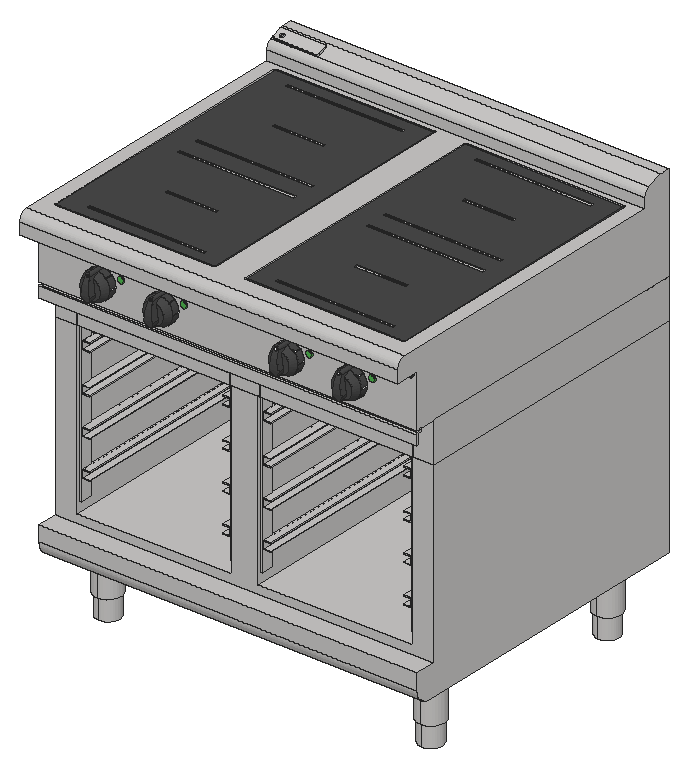
Revit family "QF_Moffat_INL8400R3-CB_Induction Cooktop_cat", category Specialty Equipment, Revit 2019
Family settings
  Round Connector Dimension = Use Diameter
  Part Type = Normal
  Work Plane-Based = No
  Always vertical = Yes
  Cut with Voids When Loaded = No
  Shared = No
  Room Calculation Point = No
Parameters (values of type "IN511F-B")
  Weight in Kilograms = 105
  Watts = 14 W
  Volts = 400 V
  URL Cutsheet = ""
  Specification by User = ""
  Specification by Manufacturer = ""
  Show Logo [instance] = yes
  Serial Number = ""
  Seismic Rating = ""
  SMACNA No = ""
  Revision Code = ""
  Phase = 3
  Number of Poles = 1
  NAFEM Spec ID Number = ""
  Model = "INL8400R3-CB"
  Min Ckt Ampacity = 0 A
  Max Overcurrent Protection = 0 A
  Masterspec = ""
  Manufacturer = "Moffat"
  Length = 900 mm
  Item Number = ""
  Installed By = ""
  Identify Quantity as Lot = yes
  Height = 970 mm
  HP = ""
  Furnished By = ""
  Foodservice Equipment Identifier = yes
  FL Amps = 20 A
  Electrical Remarks = ""
  Electric Connection Type = ""
  Elec Conn RI Height = 0 mm
  Elec Conn Connection Height = 0 mm
  Description = "Induction Cooktop"
  Depth = 805 mm
  Cycle = 50 Hz
  Conn Plug = ""
  Conn Conduit = yes
  CSI MasterFormat = ""
  Apparent Power = if(Phase = 3, Volts * FL Amps * 1.73, Volts * FL Amps)  # 13840 VA
Reference planes
  plane 1 "BACK": y = 0
  plane 2: z = 0
  plane 3 "LEFT": x = 0
  plane 4 "RIGHT": x = 900
  plane 5 "FRONT": y = -805
  plane 6 "TOP": z = 970
  plane 7 "Center Y": x = 450
  plane 8 "Center X": y = -402.5
  plane 9: x = 65.5
  plane 10: x = 834.5
  plane 11: y = -30
  plane 12: z = 150
  plane 13: y = -100
  plane 14: y = -625
  plane 15: y = -70
  plane 16: z = 915
  plane 17: x = 770
Forms (mm)
  Extrusion 1, solid, material "QF_Metal_Stainless_Polished"
    sketch origin (0, 0, 560) x (0, 1, 0) y (0, 0, 1)
      loop
        line (0, 180) -> (0, 410) -> (-24.305, 410) -> (-57.632, 395.853)
        arc (-57.632, 395.853) -> (-66.628, 388.372) -> (-70, 377.167) r 20.3
        line (-70, 377.167) -> (-70, 355) -> (-784.417, 355)
        arc (-784.417, 355) -> (-798.971, 348.971) -> (-805, 334.417) r 20.583
        line (-805, 334.417) -> (-805, 305) -> (-749, 305) -> (-749, 180) -> (0, 180)
    from 0 to 900
  Extrusion 2, void
    sketch origin (0, -784.171, 915) x (0, 1, 0) y (-1, 0, 0)
      loop
        arc (699.341, -37.323) -> (697.584, -33.08) -> (693.341, -31.323) r 6
        line (693.341, -31.323) -> (45.245, -31.323)
        arc (45.245, -31.323) -> (41.002, -33.08) -> (39.245, -37.323) r 6
        line (39.245, -37.323) -> (39.245, -410.105)
        arc (39.245, -410.105) -> (41.002, -414.347) -> (45.245, -416.105) r 6
        line (45.245, -416.105) -> (693.341, -416.105)
        arc (693.341, -416.105) -> (697.584, -414.347) -> (699.341, -410.105) r 6
        line (699.341, -410.105) -> (699.341, -37.323)
      loop
        line (699.341, -862.677) -> (699.341, -489.895)
        arc (699.341, -489.895) -> (697.584, -485.653) -> (693.341, -483.895) r 6
        line (693.341, -483.895) -> (45.245, -483.895)
        arc (45.245, -483.895) -> (41.002, -485.653) -> (39.245, -489.895) r 6
        line (39.245, -489.895) -> (39.245, -862.677)
        arc (39.245, -862.677) -> (41.002, -866.92) -> (45.245, -868.677) r 6
        line (45.245, -868.677) -> (693.341, -868.677)
        arc (693.341, -868.677) -> (697.584, -866.92) -> (699.341, -862.677) r 6
    from 0 to -9.5
  Extrusion 3, solid, material "QF_Plastic_Black_Smooth"
    sketch origin (0, -784.171, 915) x (0, 1, 0) y (-1, 0, 0)
      loop
        line (695.341, -410.105) -> (695.341, -37.323)
        arc (695.341, -37.323) -> (694.755, -35.908) -> (693.341, -35.323) r 2
        line (693.341, -35.323) -> (45.245, -35.323)
        arc (45.245, -35.323) -> (43.831, -35.908) -> (43.245, -37.323) r 2
        line (43.245, -37.323) -> (43.245, -410.105)
        arc (43.245, -410.105) -> (43.831, -411.519) -> (45.245, -412.105) r 2
        line (45.245, -412.105) -> (693.341, -412.105)
        arc (693.341, -412.105) -> (694.755, -411.519) -> (695.341, -410.105) r 2
      loop
        line (667.194, -86.598) -> (661.194, -86.598) -> (661.194, -363.75) -> (667.194, -363.75) -> (667.194, -86.598)
      loop
        line (526.611, -163.924) -> (526.611, -283.924) -> (532.611, -283.924) -> (532.611, -163.924) -> (526.611, -163.924)
      loop
        line (398.444, -86.598) -> (392.444, -86.598) -> (392.444, -363.75) -> (398.444, -363.75) -> (398.444, -86.598)
      loop
        line (345.944, -86.598) -> (339.944, -86.598) -> (339.944, -363.75) -> (345.944, -363.75) -> (345.944, -86.598)
      loop
        line (206.611, -163.924) -> (206.611, -283.924) -> (212.611, -283.924) -> (212.611, -163.924) -> (206.611, -163.924)
      loop
        line (77.194, -86.598) -> (71.194, -86.598) -> (71.194, -363.75) -> (77.194, -363.75) -> (77.194, -86.598)
      loop
        arc (695.341, -489.895) -> (694.755, -488.481) -> (693.341, -487.895) r 2
        line (693.341, -487.895) -> (45.245, -487.895)
        arc (45.245, -487.895) -> (43.831, -488.481) -> (43.245, -489.895) r 2
        line (43.245, -489.895) -> (43.245, -862.677)
        arc (43.245, -862.677) -> (43.831, -864.092) -> (45.245, -864.677) r 2
        line (45.245, -864.677) -> (693.341, -864.677)
        arc (693.341, -864.677) -> (694.755, -864.092) -> (695.341, -862.677) r 2
        line (695.341, -862.677) -> (695.341, -489.895)
      loop
        line (667.194, -813.402) -> (667.194, -536.25) -> (661.194, -536.25) -> (661.194, -813.402) -> (667.194, -813.402)
      loop
        line (526.611, -736.076) -> (532.611, -736.076) -> (532.611, -616.076) -> (526.611, -616.076) -> (526.611, -736.076)
      loop
        line (398.444, -813.402) -> (398.444, -536.25) -> (392.444, -536.25) -> (392.444, -813.402) -> (398.444, -813.402)
      loop
        line (345.944, -813.402) -> (345.944, -536.25) -> (339.944, -536.25) -> (339.944, -813.402) -> (345.944, -813.402)
      loop
        line (206.611, -736.076) -> (212.611, -736.076) -> (212.611, -616.076) -> (206.611, -616.076) -> (206.611, -736.076)
      loop
        line (77.194, -813.402) -> (77.194, -536.25) -> (71.194, -536.25) -> (71.194, -813.402) -> (77.194, -813.402)
    from 0 to -9.5
  Extrusion 4, solid, material "QF_Metal_Stainless_Polished"
    sketch origin (0, 0, 600) x (0, 1, 0) y (0, 0, 1)
      loop
        line (-739.467, 140) -> (-738.192, 134.838)
        arc (-738.192, 134.838) -> (-738.307, 134.302) -> (-738.799, 134.063) r 0.625
        line (-738.799, 134.063) -> (-746.111, 134.063)
        arc (-746.111, 134.063) -> (-748.011, 133.276) -> (-748.797, 131.377) r 2.686
        line (-748.797, 131.377) -> (-748.797, 107.627) -> (-747.197, 107.627) -> (-747.197, 131.242)
        arc (-747.197, 131.242) -> (-746.84, 132.105) -> (-745.976, 132.463) r 1.221
        line (-745.976, 132.463) -> (-738.755, 132.463)
        arc (-738.755, 132.463) -> (-737.028, 133.304) -> (-736.625, 135.182) r 2.194
        line (-736.625, 135.182) -> (-737.815, 140) -> (-739.467, 140)
    from 0 to 900
  Extrusion 5, solid, material "QF_Plastic_Black_Smooth"
    sketch origin (0, -749, 741.875) x (0, 0, 1) y (-1, 0, 0)
      loop
        circle (112.843, -13.157) r 5
      loop
        circle (112.843, -886.843) r 5
    from 0 to 1.6
  Extrusion 6, solid, material "QF_Metal_Stainless_Polished"
    sketch origin (450, -699, 645) x (0, 1, 0) y (1, 0, 0)
      loop
        circle (669, 320) r 6.35
    from 0 to 10
  Extrusion 7, solid, material "QF_Metal_Stainless_Polished"
    sketch origin (0, -699, 645) x (1, 0, 0) y (0, -1, 0)
      loop
        line (0, -699) -> (900, -699) -> (900, 0) -> (849.2, 0) -> (849.2, -25.4) -> (485.8, -25.4) -> (485.8, 0) -> (414.2, 0) -> (414.2, -25.4) -> (50.8, -25.4) -> (50.8, 0) -> (0, 0) -> (0, -699)
    from 0 to -95
  Extrusion 8, solid, material "QF_Metal_Stainless_Polished"
    sketch origin (50.8, -30, 645) x (0, 1, 0) y (0, 0, 1)
      loop
        line (-669, 0) -> (-643.6, 0) -> (-643.6, 26.45) -> (-669, 26.45) -> (-669, 0)
      loop
        line (-669, 32.45) -> (-643.6, 32.45) -> (-643.6, 66.4) -> (-669, 66.4) -> (-669, 32.45)
      loop
        line (-669, 67.4) -> (-643.6, 67.4) -> (-643.6, 95) -> (-669, 95) -> (-669, 67.4)
    from 0 to 363.4
  Extrusion 9, solid, material "QF_Metal_Stainless_Polished"
    sketch origin (900, 0, 560) x (-1, 0, 0) y (0, -1, 0)
      loop
        line (536.25, 122.976) -> (536.25, 116.976) -> (813.402, 116.976) -> (813.402, 122.976) -> (536.25, 122.976)
      loop
        line (736.076, 251.56) -> (736.076, 257.56) -> (616.076, 257.56) -> (616.076, 251.56) -> (736.076, 251.56)
      loop
        line (813.402, 385.726) -> (813.402, 391.726) -> (536.25, 391.726) -> (536.25, 385.726) -> (813.402, 385.726)
      loop
        line (813.402, 438.226) -> (813.402, 444.226) -> (536.25, 444.226) -> (536.25, 438.226) -> (813.402, 438.226)
      loop
        line (736.076, 571.56) -> (736.076, 577.56) -> (616.076, 577.56) -> (616.076, 571.56) -> (736.076, 571.56)
      loop
        line (536.25, 712.976) -> (536.25, 706.976) -> (813.402, 706.976) -> (813.402, 712.976) -> (536.25, 712.976)
      loop
        line (363.75, 122.976) -> (86.598, 122.976) -> (86.598, 116.976) -> (363.75, 116.976) -> (363.75, 122.976)
      loop
        line (163.924, 251.56) -> (283.924, 251.56) -> (283.924, 257.56) -> (163.924, 257.56) -> (163.924, 251.56)
      loop
        line (86.598, 385.726) -> (363.75, 385.726) -> (363.75, 391.726) -> (86.598, 391.726) -> (86.598, 385.726)
      loop
        line (86.598, 438.226) -> (363.75, 438.226) -> (363.75, 444.226) -> (86.598, 444.226) -> (86.598, 438.226)
      loop
        line (163.924, 571.56) -> (283.924, 571.56) -> (283.924, 577.56) -> (163.924, 577.56) -> (163.924, 571.56)
      loop
        line (363.75, 712.976) -> (86.598, 712.976) -> (86.598, 706.976) -> (363.75, 706.976) -> (363.75, 712.976)
    from 355 to 345.5
  Extrusion 10, solid, material "QF_Paint_Green"
    sketch origin (63.231, -748.999, 713.75) x (0, 0, 1) y (-1, 0, 0)
      loop
        circle (100.3, -282.5) r 7.15
    from 0 to 1.6
  Extrusion 11, solid, material "QF_Plastic_Black_Smooth"
    sketch origin (75, -748.999, 725.625) x (0, 0, 1) y (-1, 0, 0)
      loop
        circle (112.843, -225) r 5
    from 0 to 1.6
  Extrusion 12, solid, material "QF_Paint_Green"
    sketch origin (-86.769, -748.999, 713.75) x (0, 0, 1) y (-1, 0, 0)
      loop
        circle (100.3, -282.5) r 7.15
    from 0 to 1.6
  Extrusion 13, solid, material "QF_Plastic_Black_Smooth"
    sketch origin (-75, -748.999, 725.625) x (0, 0, 1) y (-1, 0, 0)
      loop
        circle (112.843, -225) r 5
    from 0 to 1.6
  Extrusion 14, solid, material "QF_Paint_Green"
    sketch origin (511.981, -748.999, 713.75) x (0, 0, 1) y (-1, 0, 0)
      loop
        circle (100.3, -282.5) r 7.15
    from 0 to 1.6
  Extrusion 15, solid, material "QF_Plastic_Black_Smooth"
    sketch origin (523.75, -748.999, 725.625) x (0, 0, 1) y (-1, 0, 0)
      loop
        circle (112.843, -225) r 5
    from 0 to 1.6
  Extrusion 16, solid, material "QF_Paint_Green"
    sketch origin (361.981, -748.999, 713.75) x (0, 0, 1) y (-1, 0, 0)
      loop
        circle (100.3, -282.5) r 7.15
    from 0 to 1.6
  Extrusion 17, solid, material "QF_Plastic_Black_Smooth"
    sketch origin (373.75, -748.999, 725.625) x (0, 0, 1) y (-1, 0, 0)
      loop
        circle (112.843, -225) r 5
    from 0 to 1.6
  Extrusion 18, solid, material "QF_Metal_Stainless_Polished"
    sketch origin (849.2, -30, 645) x (0, 1, 0) y (0, 0, -1)
      loop
        line (-669, 0) -> (-669, -26.45) -> (-643.6, -26.45) -> (-643.6, 0) -> (-669, 0)
      loop
        line (-669, -32.45) -> (-669, -66.4) -> (-643.6, -66.4) -> (-643.6, -32.45) -> (-669, -32.45)
      loop
        line (-669, -67.4) -> (-669, -95) -> (-643.6, -95) -> (-643.6, -67.4) -> (-669, -67.4)
    from 0 to 363.4
Cuts and joins
  Extrusion 2 cuts Extrusion 1
Lines and regions (mm)
  symbolic lines
    curve 1: line (0, 0, 0) -> (900, 0, 0)
    curve 2: line (0, -805, 0) -> (0, 0, 0)
    curve 3: line (900, -805, 0) -> (0, -805, 0)
    curve 4: line (900, 0, 0) -> (900, -805, 0)
    curve 5: line (0, -18.182, 0) -> (900, -18.182, 0)
    curve 6: line (0, -70, 0) -> (450, -70, 0)
    curve 7: line (37.323, -84.83, 0) -> (410.105, -84.83, 0)
    curve 8: arc (410.105, -84.83, 0) -> (414.347, -86.587, 0) -> (416.105, -90.83, 0) r 6
    curve 9: line (416.105, -90.83, 0) -> (416.105, -738.926, 0)
    curve 10: arc (416.105, -738.926, 0) -> (414.347, -743.168, 0) -> (410.105, -744.926, 0) r 6
    curve 11: line (410.105, -744.926, 0) -> (37.323, -744.926, 0)
    curve 12: arc (37.323, -744.926, 0) -> (33.08, -743.168, 0) -> (31.323, -738.926, 0) r 6
    curve 13: line (31.323, -738.926, 0) -> (31.323, -90.83, 0)
    curve 14: arc (31.323, -90.83, 0) -> (33.08, -86.587, 0) -> (37.323, -84.83, 0) r 6
    curve 15: line (410.105, -88.83, 0) -> (37.323, -88.83, 0)
    curve 16: arc (37.323, -88.83, 0) -> (35.908, -89.415, 0) -> (35.323, -90.83, 0) r 2
    curve 17: line (35.323, -90.83, 0) -> (35.323, -738.926, 0)
    curve 18: arc (35.323, -738.926, 0) -> (35.908, -740.34, 0) -> (37.323, -740.926, 0) r 2
    curve 19: line (37.323, -740.926, 0) -> (410.105, -740.926, 0)
    curve 20: arc (410.105, -740.926, 0) -> (411.519, -740.34, 0) -> (412.105, -738.926, 0) r 2
    curve 21: line (412.105, -738.926, 0) -> (412.105, -90.83, 0)
    curve 22: arc (412.105, -90.83, 0) -> (411.519, -89.415, 0) -> (410.105, -88.83, 0) r 2
    curve 23: line (416.105, -738.926, 0) -> (416.105, -90.83, 0)
    curve 24: line (412.105, -90.83, 0) -> (412.105, -738.926, 0)
    curve 25: line (862.677, -84.83, 0) -> (489.895, -84.83, 0)
    curve 26: arc (489.895, -84.83, 0) -> (485.653, -86.587, 0) -> (483.895, -90.83, 0) r 6
    curve 27: arc (483.895, -738.926, 0) -> (485.653, -743.168, 0) -> (489.895, -744.926, 0) r 6
    curve 28: line (489.895, -744.926, 0) -> (862.677, -744.926, 0)
    curve 29: arc (862.677, -744.926, 0) -> (866.92, -743.168, 0) -> (868.677, -738.926, 0) r 6
    curve 30: line (868.677, -738.926, 0) -> (868.677, -90.83, 0)
    curve 31: arc (868.677, -90.83, 0) -> (866.92, -86.587, 0) -> (862.677, -84.83, 0) r 6
    curve 32: line (489.895, -88.83, 0) -> (862.677, -88.83, 0)
    curve 33: arc (862.677, -88.83, 0) -> (864.092, -89.415, 0) -> (864.677, -90.83, 0) r 2
    curve 34: line (864.677, -90.83, 0) -> (864.677, -738.926, 0)
    curve 35: arc (864.677, -738.926, 0) -> (864.092, -740.34, 0) -> (862.677, -740.926, 0) r 2
    curve 36: line (862.677, -740.926, 0) -> (489.895, -740.926, 0)
    curve 37: arc (489.895, -740.926, 0) -> (488.481, -740.34, 0) -> (487.895, -738.926, 0) r 2
    curve 38: arc (487.895, -90.83, 0) -> (488.481, -89.415, 0) -> (489.895, -88.83, 0) r 2
    curve 39: line (487.895, -90.83, 0) -> (487.895, -738.926, 0)
    curve 40: arc (487.895, -738.926, 0) -> (488.481, -740.34, 0) -> (489.895, -740.926, 0) r 2
    curve 41: line (489.895, -740.926, 0) -> (862.677, -740.926, 0)
    curve 42: arc (862.677, -740.926, 0) -> (864.092, -740.34, 0) -> (864.677, -738.926, 0) r 2
    curve 43: line (864.677, -738.926, 0) -> (864.677, -90.83, 0)
    curve 44: arc (864.677, -90.83, 0) -> (864.092, -89.415, 0) -> (862.677, -88.83, 0) r 2
    curve 45: line (862.677, -88.83, 0) -> (489.895, -88.83, 0)
    curve 46: arc (489.895, -88.83, 0) -> (488.481, -89.415, 0) -> (487.895, -90.83, 0) r 2
    curve 47: line (483.895, -90.83, 0) -> (483.895, -738.926, 0)
    curve 48: arc (483.895, -738.926, 0) -> (485.653, -743.168, 0) -> (489.895, -744.926, 0) r 6
    curve 49: line (489.895, -744.926, 0) -> (862.677, -744.926, 0)
    curve 50: arc (862.677, -744.926, 0) -> (866.92, -743.168, 0) -> (868.677, -738.926, 0) r 6
    curve 51: line (868.677, -738.926, 0) -> (868.677, -90.83, 0)
    curve 52: arc (868.677, -90.83, 0) -> (866.92, -86.587, 0) -> (862.677, -84.83, 0) r 6
    curve 53: line (862.677, -84.83, 0) -> (489.895, -84.83, 0)
    curve 54: arc (489.895, -84.83, 0) -> (485.653, -86.587, 0) -> (483.895, -90.83, 0) r 6
    curve 55: line (86.598, -122.976, 0) -> (363.75, -122.976, 0)
    curve 56: line (363.75, -122.976, 0) -> (363.75, -116.976, 0)
    curve 57: line (363.75, -116.976, 0) -> (86.598, -116.976, 0)
    curve 58: line (86.598, -116.976, 0) -> (86.598, -122.976, 0)
    curve 59: line (283.924, -251.56, 0) -> (163.924, -251.56, 0)
    curve 60: line (163.924, -251.56, 0) -> (163.924, -257.56, 0)
    curve 61: line (163.924, -257.56, 0) -> (283.924, -257.56, 0)
    curve 62: line (283.924, -257.56, 0) -> (283.924, -251.56, 0)
    curve 63: line (536.25, -122.976, 0) -> (813.402, -122.976, 0)
    curve 64: line (813.402, -122.976, 0) -> (813.402, -116.976, 0)
    curve 65: line (813.402, -116.976, 0) -> (536.25, -116.976, 0)
    curve 66: line (536.25, -116.976, 0) -> (536.25, -122.976, 0)
    curve 67: line (736.076, -251.56, 0) -> (616.076, -251.56, 0)
    curve 68: line (616.076, -251.56, 0) -> (616.076, -257.56, 0)
    curve 69: line (616.076, -257.56, 0) -> (736.076, -257.56, 0)
    curve 70: line (736.076, -257.56, 0) -> (736.076, -251.56, 0)
    curve 71: line (736.076, -571.56, 0) -> (616.076, -571.56, 0)
    curve 72: line (616.076, -571.56, 0) -> (616.076, -577.56, 0)
    curve 73: line (616.076, -577.56, 0) -> (736.076, -577.56, 0)
    curve 74: line (736.076, -577.56, 0) -> (736.076, -571.56, 0)
    curve 75: line (813.402, -706.976, 0) -> (536.25, -706.976, 0)
    curve 76: line (536.25, -706.976, 0) -> (536.25, -712.976, 0)
    curve 77: line (536.25, -712.976, 0) -> (813.402, -712.976, 0)
    curve 78: line (813.402, -712.976, 0) -> (813.402, -706.976, 0)
    curve 79: line (86.598, -712.976, 0) -> (363.75, -712.976, 0)
    curve 80: line (363.75, -712.976, 0) -> (363.75, -706.976, 0)
    curve 81: line (363.75, -706.976, 0) -> (86.598, -706.976, 0)
    curve 82: line (86.598, -706.976, 0) -> (86.598, -712.976, 0)
    curve 83: line (283.924, -577.56, 0) -> (163.924, -577.56, 0)
    curve 84: line (163.924, -577.56, 0) -> (163.924, -571.56, 0)
    curve 85: line (163.924, -571.56, 0) -> (283.924, -571.56, 0)
    curve 86: line (283.924, -571.56, 0) -> (283.924, -577.56, 0)
    curve 87: line (86.598, -444.226, 0) -> (363.75, -444.226, 0)
    curve 88: line (363.75, -444.226, 0) -> (363.75, -438.226, 0)
    curve 89: line (363.75, -438.226, 0) -> (86.598, -438.226, 0)
    curve 90: line (86.598, -438.226, 0) -> (86.598, -444.226, 0)
    curve 91: line (86.598, -391.726, 0) -> (363.75, -391.726, 0)
    curve 92: line (363.75, -391.726, 0) -> (363.75, -385.726, 0)
    curve 93: line (363.75, -385.726, 0) -> (86.598, -385.726, 0)
    curve 94: line (86.598, -385.726, 0) -> (86.598, -391.726, 0)
    curve 95: line (0, 0, 560) -> (900, 0, 560)
    curve 96: line (0, -805, 560) -> (0, 0, 560)
    curve 97: line (900, -805, 560) -> (0, -805, 560)
    curve 98: line (900, 0, 560) -> (900, -805, 560)
    curve 99: line (0, -18.182, 560) -> (900, -18.182, 560)
    curve 100: line (0, -70, 560) -> (900, -70, 560)
    curve 101: line (416.105, -90.83, 560) -> (416.105, -738.926, 560)
    curve 102: line (412.105, -738.926, 560) -> (412.105, -90.83, 560)
    curve 103: line (416.105, -738.926, 560) -> (416.105, -90.83, 560)
    curve 104: line (412.105, -90.83, 560) -> (412.105, -738.926, 560)
    curve 105: line (862.677, -84.83, 560) -> (489.895, -84.83, 560)
    curve 106: arc (483.895, -738.926, 560) -> (485.653, -743.168, 560) -> (489.895, -744.926, 560) r 6
    curve 107: line (489.895, -744.926, 560) -> (862.677, -744.926, 560)
    curve 108: arc (862.677, -744.926, 560) -> (866.92, -743.168, 560) -> (868.677, -738.926, 560) r 6
    curve 109: arc (864.677, -738.926, 560) -> (864.092, -740.34, 560) -> (862.677, -740.926, 560) r 2
    curve 110: line (862.677, -740.926, 560) -> (489.895, -740.926, 560)
    curve 111: arc (489.895, -740.926, 560) -> (488.481, -740.34, 560) -> (487.895, -738.926, 560) r 2
    curve 112: arc (487.895, -738.926, 560) -> (488.481, -740.34, 560) -> (489.895, -740.926, 560) r 2
    curve 113: line (489.895, -740.926, 560) -> (862.677, -740.926, 560)
    curve 114: arc (862.677, -740.926, 560) -> (864.092, -740.34, 560) -> (864.677, -738.926, 560) r 2
    curve 115: arc (483.895, -738.926, 560) -> (485.653, -743.168, 560) -> (489.895, -744.926, 560) r 6
    curve 116: line (489.895, -744.926, 560) -> (862.677, -744.926, 560)
    curve 117: arc (862.677, -744.926, 560) -> (866.92, -743.168, 560) -> (868.677, -738.926, 560) r 6
    curve 118: line (86.598, -122.976, 560) -> (363.75, -122.976, 560)
    curve 119: line (363.75, -122.976, 560) -> (363.75, -116.976, 560)
    curve 120: line (363.75, -116.976, 560) -> (86.598, -116.976, 560)
    curve 121: line (86.598, -116.976, 560) -> (86.598, -122.976, 560)
    curve 122: line (283.924, -251.56, 560) -> (163.924, -251.56, 560)
    curve 123: line (163.924, -251.56, 560) -> (163.924, -257.56, 560)
    curve 124: line (163.924, -257.56, 560) -> (283.924, -257.56, 560)
    curve 125: line (283.924, -257.56, 560) -> (283.924, -251.56, 560)
    curve 126: line (536.25, -122.976, 560) -> (813.402, -122.976, 560)
    curve 127: line (813.402, -122.976, 560) -> (813.402, -116.976, 560)
    curve 128: line (813.402, -116.976, 560) -> (536.25, -116.976, 560)
    curve 129: line (536.25, -116.976, 560) -> (536.25, -122.976, 560)
    curve 130: line (736.076, -251.56, 560) -> (616.076, -251.56, 560)
    curve 131: line (616.076, -251.56, 560) -> (616.076, -257.56, 560)
    curve 132: line (616.076, -257.56, 560) -> (736.076, -257.56, 560)
    curve 133: line (736.076, -257.56, 560) -> (736.076, -251.56, 560)
    curve 134: line (736.076, -571.56, 560) -> (616.076, -571.56, 560)
    curve 135: line (616.076, -571.56, 560) -> (616.076, -577.56, 560)
    curve 136: line (616.076, -577.56, 560) -> (736.076, -577.56, 560)
    curve 137: line (736.076, -577.56, 560) -> (736.076, -571.56, 560)
    curve 138: line (813.402, -706.976, 560) -> (536.25, -706.976, 560)
    curve 139: line (536.25, -706.976, 560) -> (536.25, -712.976, 560)
    curve 140: line (536.25, -712.976, 560) -> (813.402, -712.976, 560)
    curve 141: line (813.402, -712.976, 560) -> (813.402, -706.976, 560)
    curve 142: line (86.598, -712.976, 560) -> (363.75, -712.976, 560)
    curve 143: line (363.75, -712.976, 560) -> (363.75, -706.976, 560)
    curve 144: line (363.75, -706.976, 560) -> (86.598, -706.976, 560)
    curve 145: line (86.598, -706.976, 560) -> (86.598, -712.976, 560)
    curve 146: line (283.924, -577.56, 560) -> (163.924, -577.56, 560)
    curve 147: line (163.924, -577.56, 560) -> (163.924, -571.56, 560)
    curve 148: line (163.924, -571.56, 560) -> (283.924, -571.56, 560)
    curve 149: line (283.924, -571.56, 560) -> (283.924, -577.56, 560)
    curve 150: line (86.598, -444.226, 560) -> (363.75, -444.226, 560)
    curve 151: line (363.75, -444.226, 560) -> (363.75, -438.226, 560)
    curve 152: line (363.75, -438.226, 560) -> (86.598, -438.226, 560)
    curve 153: line (86.598, -438.226, 560) -> (86.598, -444.226, 560)
    curve 154: line (86.598, -391.726, 560) -> (363.75, -391.726, 560)
    curve 155: line (363.75, -391.726, 560) -> (363.75, -385.726, 560)
    curve 156: line (363.75, -385.726, 560) -> (86.598, -385.726, 560)
    curve 157: line (86.598, -385.726, 560) -> (86.598, -391.726, 560)
    curve 158: line (536.25, -391.726, 560) -> (813.402, -391.726, 560)
    curve 159: line (813.402, -391.726, 560) -> (813.402, -385.726, 560)
    curve 160: line (813.402, -385.726, 560) -> (536.25, -385.726, 560)
    curve 161: line (536.25, -385.726, 560) -> (536.25, -391.726, 560)
    curve 162: line (536.25, -444.226, 560) -> (813.402, -444.226, 560)
    curve 163: line (813.402, -444.226, 560) -> (813.402, -438.226, 560)
    curve 164: line (813.402, -438.226, 560) -> (536.25, -438.226, 560)
    curve 165: line (536.25, -438.226, 560) -> (536.25, -444.226, 560)
Dimensions and locks
  equal spacing: plane 3 "LEFT", plane 7 "Center Y", plane 4 "RIGHT"
  "Length": plane 3 "LEFT" to plane 4 "RIGHT"
  equal spacing: plane 5 "FRONT", plane 8 "Center X", plane 1 "BACK"
  "Depth": plane 5 "FRONT" to plane 1 "BACK"
  "Height": plane 6 "TOP" to level
  plane 9 to plane 10 = 769 mm
  plane 4 "RIGHT" to plane 3 "LEFT" = 900 mm
  plane 6 "TOP" to plane 2 = 970 mm
  plane 1 "BACK" to plane 11 = 30 mm
  plane 1 "BACK" to plane 13 to plane 14 = 100 mm, 525 mm
  plane 1 "BACK" to plane 15 = 70 mm
  plane 16 to level = 915 mm  (x2)
  level to plane 12 = 150 mm
  plane 12 to level = 150 mm
  plane 4 "RIGHT" to plane 17 = 130 mm
  plane 1 "BACK" to plane 5 "FRONT" = 805 mm
  locked: plane 10 to plane 4 "RIGHT" at 65.5
  aligned and locked: level to plane 2
  aligned and locked: Extrusion 18 to Extrusion 7  (x2)
Automatic sketch dimensions
  Extrusion 2 sketch curve to Extrusion 1 = 39.492 mm  (x2)
  Extrusion 2 sketch curve to Extrusion 2 sketch curve = 6 mm  (x6)
  Extrusion 1 to Extrusion 2 sketch curve = 20.83 mm  (x4)
  Extrusion 1 to Extrusion 2 sketch curve = 31.323 mm
  Extrusion 2 sketch curve to Extrusion 2 sketch curve = 372.782 mm
  Extrusion 2 sketch curve to Extrusion 2 sketch curve = 67.791 mm
  Extrusion 1 to Extrusion 2 sketch curve = 37.323 mm
  Extrusion 4 sketch curve to plane 5 "FRONT" = 56.203 mm
  Extrusion 4 sketch curve to Extrusion 4 sketch curve = 1.6 mm
  Extrusion 4 sketch curve to Extrusion 4 sketch curve = 1.086 mm
  Extrusion 4 sketch curve to Extrusion 4 sketch curve = 0.135 mm  (x2)
  Extrusion 4 sketch curve to Extrusion 4 sketch curve = 6.644 mm
  Extrusion 4 sketch curve to Extrusion 4 sketch curve = 0.668 mm
  Extrusion 4 sketch curve to Extrusion 4 sketch curve = 0.044 mm
  Extrusion 4 sketch curve to Extrusion 4 sketch curve = 0.563 mm
  Extrusion 4 sketch curve to Extrusion 4 sketch curve = 1.652 mm
  Extrusion 4 sketch curve to Extrusion 4 sketch curve = 1.567 mm
  Extrusion 4 sketch curve to plane 16 = 207.373 mm
  Extrusion 4 sketch curve to Extrusion 4 sketch curve = 23.614 mm
  Extrusion 4 sketch curve to Extrusion 4 sketch curve = 0.594 mm
  Extrusion 4 sketch curve to Extrusion 4 sketch curve = 0.032 mm
  Extrusion 4 sketch curve to Extrusion 4 sketch curve = 5.162 mm
  Extrusion 1 to Extrusion 5 sketch curve = 10.282 mm  (x2)
  Extrusion 1 to Extrusion 5 sketch curve = 13.157 mm  (x2)
  Extrusion 12 sketch curve to plane 16 = 100.95 mm
  Extrusion 12 sketch curve to plane 9 = 130.231 mm
  Extrusion 13 sketch curve to plane 16 = 76.532 mm
  Extrusion 13 sketch curve to plane 9 = 84.5 mm
  plane 17 to Extrusion 14 sketch curve = 24.481 mm
  Extrusion 14 sketch curve to plane 16 = 100.95 mm
  Extrusion 15 sketch curve to plane 17 = 21.25 mm
  Extrusion 15 sketch curve to plane 16 = 76.532 mm
  Extrusion 16 sketch curve to plane 16 = 100.95 mm
  Extrusion 16 sketch curve to plane 17 = 125.519 mm
  plane 14 to Extrusion 18 sketch curve = 74 mm
  Extrusion 18 sketch curve to Extrusion 18 sketch curve = 0 mm  (x4)
  Extrusion 18 sketch curve to Extrusion 18 sketch curve = 25.4 mm
  Extrusion 18 sketch curve to plane 16 = 175 mm
  Extrusion 18 sketch curve to Extrusion 18 sketch curve = 27.6 mm
  Extrusion 18 sketch curve to Extrusion 18 sketch curve = 1 mm
  Extrusion 18 sketch curve to Extrusion 18 sketch curve = 33.95 mm
  Extrusion 18 sketch curve to Extrusion 18 sketch curve = 6 mm
  Extrusion 18 sketch curve to Extrusion 18 sketch curve = 26.45 mm
  Extrusion 3 sketch curve to Extrusion 1 = 43.492 mm  (x2)
  Extrusion 3 sketch curve to Extrusion 3 sketch curve = 2 mm  (x6)
  Extrusion 3 sketch curve to Extrusion 3 sketch curve = 25.949 mm  (x2)
  Extrusion 3 sketch curve to Extrusion 3 sketch curve = 6 mm  (x12)
  Extrusion 3 sketch curve to Extrusion 3 sketch curve = 129.416 mm  (x2)
  Extrusion 3 sketch curve to Extrusion 3 sketch curve = 127.334 mm  (x2)
  Extrusion 3 sketch curve to Extrusion 3 sketch curve = 46.5 mm  (x2)
  Extrusion 3 sketch curve to Extrusion 3 sketch curve = 128.166 mm  (x2)
  Extrusion 1 to Extrusion 3 sketch curve = 52.976 mm  (x2)
  Extrusion 1 to Extrusion 3 sketch curve = 20.83 mm  (x4)
  Extrusion 1 to Extrusion 3 sketch curve = 35.323 mm
  Extrusion 3 sketch curve to Extrusion 3 sketch curve = 49.275 mm  (x2)
  Extrusion 1 to Extrusion 3 sketch curve = 86.598 mm  (x4)
  Extrusion 3 sketch curve to Extrusion 3 sketch curve = 0 mm  (x4)
  Extrusion 3 sketch curve to Extrusion 3 sketch curve = 77.326 mm  (x2)
  Extrusion 3 sketch curve to Extrusion 3 sketch curve = 120 mm  (x4)
  Extrusion 3 sketch curve to Extrusion 3 sketch curve = 79.826 mm  (x5)
  Extrusion 3 sketch curve to Extrusion 3 sketch curve = 46.355 mm  (x3)
  Extrusion 3 sketch curve to Extrusion 3 sketch curve = 75.791 mm
  Extrusion 3 sketch curve to Extrusion 3 sketch curve = 172.5 mm
  Extrusion 1 to Extrusion 3 sketch curve = 37.323 mm
  Extrusion 1 sketch curve to plane 5 "FRONT" = 0 mm
  Extrusion 1 sketch curve to plane 16 = 0 mm
  Extrusion 1 sketch curve to plane 15 = 0 mm
  Extrusion 1 sketch curve to plane 6 "TOP" = 0 mm
  Extrusion 1 sketch curve to plane 1 "BACK" = 0 mm
  Extrusion 1 sketch curve to Extrusion 1 sketch curve = 20.583 mm
  Extrusion 1 sketch curve to plane 5 "FRONT" = 56 mm
  Extrusion 1 sketch curve to plane 15 = 12.368 mm
  plane 11 to Extrusion 1 sketch curve = 19.7 mm
  Extrusion 1 sketch curve to plane 11 = 5.695 mm
  Extrusion 1 sketch curve to Extrusion 1 sketch curve = 29.417 mm
  Extrusion 1 sketch curve to plane 16 = 175 mm
  plane 16 to Extrusion 1 sketch curve = 22.167 mm
  curve 8 to curve 22 = 0 mm  (x2)
  curve 10 to curve 20 = 0 mm  (x2)
  curve 12 to curve 18 = 0 mm  (x2)
  curve 14 to curve 16 = 0 mm  (x2)
  curve 26 to curve 38 = 0 mm  (x2)
  curve 26 to curve 46 = 0 mm  (x2)
  curve 26 to curve 54 = 0 mm  (x2)
  curve 27 to curve 37 = 0 mm  (x2)
  curve 27 to curve 40 = 0 mm  (x2)
  curve 27 to curve 48 = 0 mm  (x2)
  curve 29 to curve 35 = 0 mm  (x2)
  curve 29 to curve 42 = 0 mm  (x2)
  curve 29 to curve 50 = 0 mm  (x2)
  curve 31 to curve 33 = 0 mm  (x2)
  curve 31 to curve 44 = 0 mm  (x2)
  curve 31 to curve 52 = 0 mm  (x2)
  curve 33 to curve 44 = 0 mm  (x2)
  curve 33 to curve 52 = 0 mm  (x2)
  curve 35 to curve 42 = 0 mm  (x2)
  curve 35 to curve 50 = 0 mm  (x2)
  curve 37 to curve 40 = 0 mm  (x2)
  curve 37 to curve 48 = 0 mm  (x2)
  curve 38 to curve 46 = 0 mm  (x2)
  curve 38 to curve 54 = 0 mm  (x2)
  curve 40 to curve 48 = 0 mm  (x2)
  curve 42 to curve 50 = 0 mm  (x2)
  curve 44 to curve 52 = 0 mm  (x2)
  curve 46 to curve 54 = 0 mm  (x2)
  plane 1 "BACK" to curve 1 = 0 mm
  curve 1 to plane 3 "LEFT" = 0 mm
  curve 6 to plane 7 "Center Y" = 0 mm
  curve 5 to plane 4 "RIGHT" = 0 mm
  plane 5 "FRONT" to curve 3 = 0 mm
  plane 15 to curve 6 = 0 mm
  plane 3 "LEFT" to curve 13 = 31.323 mm
  curve 13 to curve 17 = 4 mm
  curve 17 to curve 16 = 2 mm
  curve 17 to curve 18 = 2 mm
  curve 94 to plane 9 = 21.098 mm
  curve 57 to plane 9 = 21.098 mm
  curve 79 to plane 9 = 21.098 mm
  curve 87 to plane 9 = 21.098 mm
  curve 83 to plane 14 = 47.44 mm
  curve 83 to plane 9 = 98.424 mm
  curve 59 to plane 9 = 98.424 mm
  curve 60 to curve 61 = 120 mm
  curve 85 to plane 14 = 53.44 mm
  curve 84 to curve 85 = 120 mm
  curve 79 to plane 7 "Center Y" = 86.25 mm
  curve 88 to plane 8 "Center X" = 41.726 mm
  curve 88 to plane 7 "Center Y" = 86.25 mm
  plane 13 to curve 57 = 16.976 mm
  curve 57 to plane 7 "Center Y" = 86.25 mm
  plane 8 "Center X" to curve 93 = 16.774 mm
  curve 93 to curve 88 = 0 mm
  curve 10 to plane 7 "Center Y" = 39.895 mm
  curve 22 to plane 13 = 9.17 mm
  curve 22 to plane 7 "Center Y" = 39.895 mm
  curve 10 to curve 21 = 2 mm
  plane 7 "Center Y" to curve 47 = 33.895 mm
  curve 54 to curve 39 = 4 mm
  curve 38 to curve 45 = 2 mm
  curve 37 to curve 40 = 2 mm
  curve 27 to curve 77 = 46.355 mm
  plane 13 to curve 65 = 16.976 mm
  curve 38 to curve 65 = 46.355 mm
  curve 72 to plane 14 = 53.44 mm
  curve 72 to plane 17 = 153.924 mm
  curve 63 to curve 68 = 79.826 mm
  curve 70 to plane 17 = 33.924 mm
  curve 73 to plane 17 = 33.924 mm
  plane 10 to curve 65 = 21.098 mm
  plane 10 to curve 78 = 21.098 mm
  curve 33 to plane 13 = 9.17 mm
  curve 33 to plane 10 = 28.177 mm
  curve 50 to plane 10 = 28.177 mm
  curve 31 to curve 34 = 2 mm
  curve 28 to plane 5 "FRONT" = 60.074 mm
  curve 11 to plane 5 "FRONT" = 60.074 mm
  curve 29 to curve 77 = 25.949 mm
  curve 10 to curve 80 = 25.949 mm
  curve 79 to curve 82 = 6 mm
  curve 77 to curve 75 = 6 mm
  curve 73 to curve 71 = 6 mm
  curve 87 to curve 90 = 6 mm
  curve 92 to curve 92 = 6 mm
  plane 8 "Center X" to curve 68 = 144.94 mm
  plane 8 "Center X" to curve 61 = 144.94 mm
  curve 69 to curve 67 = 6 mm
  curve 61 to curve 62 = 6 mm
  curve 64 to curve 64 = 6 mm
  curve 55 to curve 57 = 6 mm
  curve 5 to plane 11 = 11.818 mm
  plane 8 "Center X" to curve 158 = 10.774 mm
  plane 7 "Center Y" to curve 158 = 86.25 mm
  curve 165 to curve 158 = 0 mm
  plane 10 to curve 159 = 21.098 mm
  plane 10 to curve 162 = 21.098 mm
  curve 163 to plane 8 "Center X" = 35.726 mm
  curve 165 to curve 164 = 6 mm
  curve 158 to curve 161 = 6 mm
  Extrusion 7 to Extrusion 6 sketch curve = 30 mm
  Extrusion 6 sketch curve to Extrusion 7 = 79.2 mm
  Extrusion 7 sketch curve to plane 3 "LEFT" = 0 mm
  Extrusion 7 sketch curve to plane 4 "RIGHT" = 0 mm
  plane 1 "BACK" to Extrusion 7 sketch curve = 0 mm
  plane 9 to Extrusion 7 sketch curve = 14.7 mm
  Extrusion 7 sketch curve to plane 7 "Center Y" = 35.8 mm
  plane 7 "Center Y" to Extrusion 7 sketch curve = 35.8 mm
  Extrusion 7 sketch curve to plane 10 = 14.7 mm
  plane 14 to Extrusion 7 sketch curve = 48.6 mm  (x2)
  Extrusion 7 sketch curve to Extrusion 7 sketch curve = 25.4 mm  (x3)
  Extrusion 8 sketch curve to Extrusion 7 = 0 mm  (x8)
  Extrusion 7 to Extrusion 8 sketch curve = 26.45 mm
  Extrusion 8 sketch curve to Extrusion 8 sketch curve = 6 mm
  Extrusion 7 to Extrusion 8 sketch curve = 28.6 mm
  Extrusion 8 sketch curve to Extrusion 8 sketch curve = 1 mm
  Extrusion 9 sketch curve to plane 10 = 21.098 mm  (x4)
  plane 17 to Extrusion 9 sketch curve = 33.924 mm  (x2)
  plane 14 to Extrusion 9 sketch curve = 47.44 mm
  Extrusion 9 sketch curve to Extrusion 9 sketch curve = 120 mm  (x2)
  plane 8 "Center X" to Extrusion 9 sketch curve = 41.726 mm  (x2)
  Extrusion 9 sketch curve to plane 7 "Center Y" = 86.25 mm  (x3)
  Extrusion 9 sketch curve to plane 8 "Center X" = 16.774 mm  (x2)
  Extrusion 9 sketch curve to Extrusion 9 sketch curve = 0 mm  (x2)
  Extrusion 9 sketch curve to plane 13 = 22.976 mm
  plane 7 "Center Y" to Extrusion 9 sketch curve = 86.25 mm  (x3)
  Extrusion 9 sketch curve to plane 13 = 16.976 mm
  plane 14 to Extrusion 9 sketch curve = 53.44 mm
  Extrusion 9 sketch curve to Extrusion 9 sketch curve = 79.826 mm  (x2)
  plane 9 to Extrusion 9 sketch curve = 98.424 mm  (x2)
  plane 9 to Extrusion 9 sketch curve = 21.098 mm  (x4)
  Extrusion 9 sketch curve to plane 14 = 81.976 mm  (x2)
  Extrusion 9 sketch curve to Extrusion 9 sketch curve = 6 mm  (x12)
  Extrusion 9 sketch curve to plane 8 "Center X" = 144.94 mm  (x2)
  Extrusion 10 sketch curve to plane 16 = 100.95 mm
  Extrusion 10 sketch curve to plane 7 "Center Y" = 104.269 mm
  Extrusion 11 sketch curve to plane 16 = 76.532 mm
  Extrusion 11 sketch curve to plane 7 "Center Y" = 150 mm
  Extrusion 17 sketch curve to plane 16 = 76.532 mm
  plane 7 "Center Y" to Extrusion 17 sketch curve = 148.75 mm
  curve 106 to curve 111 = 0 mm
  curve 106 to curve 112 = 0 mm
  curve 108 to curve 109 = 0 mm
  curve 109 to curve 117 = 0 mm
  plane 1 "BACK" to curve 95 = 0 mm
  curve 95 to plane 3 "LEFT" = 0 mm
  curve 100 to plane 4 "RIGHT" = 0 mm
  plane 5 "FRONT" to curve 97 = 0 mm
  plane 15 to curve 100 = 0 mm
  curve 153 to plane 9 = 21.098 mm
  curve 157 to plane 9 = 21.098 mm
  curve 145 to plane 9 = 21.098 mm
  curve 121 to plane 9 = 21.098 mm
  curve 148 to plane 9 = 98.424 mm
  curve 124 to plane 9 = 98.424 mm
  curve 123 to curve 125 = 120 mm
  curve 146 to plane 14 = 47.44 mm
  curve 146 to curve 146 = 120 mm
  plane 13 to curve 120 = 16.976 mm
  curve 120 to plane 7 "Center Y" = 86.25 mm
  curve 142 to plane 7 "Center Y" = 86.25 mm
  curve 152 to plane 8 "Center X" = 35.726 mm
  curve 152 to plane 7 "Center Y" = 86.25 mm
  plane 8 "Center X" to curve 154 = 10.774 mm
  curve 154 to curve 151 = 0 mm
  curve 104 to plane 7 "Center Y" = 37.895 mm
  curve 102 to curve 101 = 4 mm
  plane 7 "Center Y" to curve 107 = 39.895 mm
  plane 13 to curve 129 = 22.976 mm
  plane 7 "Center Y" to curve 129 = 86.25 mm
  curve 106 to curve 138 = 46.355 mm
  curve 135 to plane 14 = 53.44 mm
  curve 135 to plane 17 = 153.924 mm
  curve 126 to curve 130 = 79.826 mm
  curve 137 to plane 17 = 33.924 mm
  curve 133 to plane 17 = 33.924 mm
  plane 10 to curve 141 = 21.098 mm
  plane 10 to curve 128 = 21.098 mm
  curve 109 to plane 10 = 28.177 mm
  curve 116 to plane 5 "FRONT" = 60.074 mm
  curve 106 to curve 110 = 4 mm
  curve 110 to curve 117 = 2 mm
  curve 110 to curve 106 = 2 mm
  curve 104 to plane 5 "FRONT" = 66.074 mm
  curve 102 to curve 103 = 0 mm  (x2)
  curve 108 to curve 140 = 25.949 mm
  curve 102 to curve 143 = 25.949 mm
  curve 139 to curve 138 = 6 mm
  curve 142 to curve 144 = 6 mm
  curve 136 to curve 134 = 6 mm
  curve 146 to curve 148 = 6 mm
  curve 151 to curve 151 = 6 mm
  curve 154 to curve 157 = 6 mm
  plane 8 "Center X" to curve 132 = 144.94 mm
  plane 8 "Center X" to curve 125 = 144.94 mm
  curve 132 to curve 133 = 6 mm
  curve 124 to curve 122 = 6 mm
  curve 121 to curve 120 = 6 mm
  curve 126 to curve 128 = 6 mm
  curve 102 to plane 13 = 9.17 mm
  plane 15 to curve 105 = 14.83 mm
  plane 7 "Center Y" to curve 105 = 39.895 mm
  curve 105 to plane 10 = 28.177 mm
  curve 99 to plane 11 = 11.818 mm
  radius of Extrusion 5 sketch curve = 5 mm  (x2)
  radius of Extrusion 12 sketch curve = 7.15 mm
  radius of Extrusion 13 sketch curve = 5 mm
  radius of Extrusion 14 sketch curve = 7.15 mm
  radius of Extrusion 15 sketch curve = 5 mm
  radius of Extrusion 16 sketch curve = 7.15 mm
  radius of Extrusion 6 sketch curve = 6.35 mm
  radius of Extrusion 10 sketch curve = 7.15 mm
  radius of Extrusion 11 sketch curve = 5 mm
  radius of Extrusion 17 sketch curve = 5 mm
Nested families
  nested 1: "IN8400F-CB_Cabinet base" at (0, 0, 0), type "IN511F-LS"
  nested 2: "Knob" at (267.5, -739.499, 760.75), type "Knob"
  nested 3: "Knob" at (117.5, -739.499, 760.75), type "Knob"
  nested 4: "Knob" at (716.25, -739.499, 760.75), type "Knob"
  nested 5: "Knob" at (566.25, -739.499, 760.75), type "Knob"
  nested 6: "QF_LOGO_Waldorf1" at (2, -55.308, 956.84), visible <- "Show Logo", type "QF_LOGO_Waldorf 2"
Connectors
  electrical at (770, -30, 635), driven by "Volts", driven by "Watts"
    settings: on Extrusion 6, index 5, voltage 400 V, apparent load 14 VA, apparent load phase1 0 VA, apparent load phase2 0 VA, apparent load phase3 0 VA, power factor 1, load classification "Other", number of poles 1, system type 30, power factor state 1, is connector primary yes, connector utility no, sub classification motor no, connector description "ELEECTRICAL CONNECTION"
Definition of nested family "IN8400F-CB_Cabinet base"
  Parameters (values of type "IN511F-LS")
    Model = ""
    Manufacturer = ""
    Description = ""
  Reference planes
    plane 1 "BACK": y = 0
    plane 2: z = 0
    plane 3 "LEFT": x = 0
    plane 4 "RIGHT": x = 900
    plane 5 "FRONT": y = -805
    plane 6 "TOP": z = 1130
    plane 7 "Center Y": x = 450
    plane 8 "Center X": y = -402.5
    plane 9: x = 65.5
    plane 10: x = 834.5
    plane 11: y = -100
    plane 12: y = -625
    plane 13: z = 150
    plane 14: z = 645
  Forms (mm)
    Revolve 1, solid
      sketch origin (65.5, -4572, 255.2) x (0, 0, -1) y (0, -1, 0)
        loop
          line (255.2, -3974.5) -> (255.2, -3947) -> (105.2, -3947) -> (105.2, -3978.75) -> (205.2, -3978.75) -> (205.2, -3974.5) -> (255.2, -3974.5)
        axis (105.2, -3947) -> (255.2, -3947)
      angle from 0 to 360
    Revolve 2, solid
      sketch origin (834.5, -4572, 255.2) x (0, 0, -1) y (0, 1, 0)
        loop
          line (255.2, 3974.5) -> (205.2, 3974.5) -> (205.2, 3978.75) -> (105.2, 3978.75) -> (105.2, 3947) -> (255.2, 3947) -> (255.2, 3974.5)
        axis (105.2, 3947) -> (255.2, 3947)
      angle from 0 to 360
    Extrusion 3, solid
      sketch origin (0, 0, 0) x (0, 1, 0) y (0, 0, 1)
        loop
          line (-50.8, 150) -> (-50.8, 242.5) -> (-699, 242.5) -> (-699, 222.5) -> (-747.95, 222.5) -> (-747.95, 185)
          arc (-747.95, 185) -> (-737.699, 160.251) -> (-712.95, 150) r 35
          line (-712.95, 150) -> (-50.8, 150)
      from 0 to 900
    Extrusion 4, solid
      sketch origin (-6096, 120, 150) x (0, 1, 0) y (-1, 0, 0)
        loop
          line (-120, -6096) -> (-819, -6096) -> (-819, -6146.8) -> (-170.8, -6146.8) -> (-170.8, -6514.25) -> (-819, -6514.25) -> (-819, -6577.75) -> (-170.8, -6577.75) -> (-170.8, -6945.2) -> (-819, -6945.2) -> (-819, -6996) -> (-120, -6996) -> (-120, -6096)
      from 0 to 495
    Extrusion 5, solid
      sketch origin (50.8, -50.8, 267.5) x (0, 0, 1) y (1, 0, 0)
        loop
          line (325, 25.4) -> (325, 6.4) -> (345, 6.4) -> (345, 25.4) -> (343.4, 25.4) -> (343.4, 8) -> (326.6, 8) -> (326.6, 25.4) -> (325, 25.4)
        loop
          line (230, 25.4) -> (230, 6.4) -> (250, 6.4) -> (250, 25.4) -> (248.4, 25.4) -> (248.4, 8) -> (231.6, 8) -> (231.6, 25.4) -> (230, 25.4)
        loop
          line (140, 25.4) -> (140, 6.4) -> (160, 6.4) -> (160, 25.4) -> (158.4, 25.4) -> (158.4, 8) -> (141.6, 8) -> (141.6, 25.4) -> (140, 25.4)
        loop
          line (50, 25.4) -> (50, 6.4) -> (70, 6.4) -> (70, 25.4) -> (68.4, 25.4) -> (68.4, 8) -> (51.6, 8) -> (51.6, 25.4) -> (50, 25.4)
      from 0 to -641.85
    Extrusion 6, solid
      sketch origin (50.8, 44.437, 150) x (0, 1, 0) y (0, 0, 1)
        loop
          line (-95.237, 493.4) -> (-120.637, 493.4) -> (-120.637, 117.5) -> (-95.237, 117.5) -> (-95.237, 493.4)
        loop
          line (-709.687, 117.5) -> (-709.687, 495) -> (-737.087, 495) -> (-737.087, 117.5) -> (-709.687, 117.5)
      from 0 to 6.4
    Revolve 7, solid
      sketch origin (65.5, -4047, 255.2) x (0, 0, -1) y (0, -1, 0)
        loop
          line (255.2, -3974.5) -> (255.2, -3947) -> (105.2, -3947) -> (105.2, -3978.75) -> (205.2, -3978.75) -> (205.2, -3974.5) -> (255.2, -3974.5)
        axis (105.2, -3947) -> (255.2, -3947)
      angle from 0 to 360
    Revolve 8, solid
      sketch origin (834.5, -4047, 255.2) x (0, 0, -1) y (0, 1, 0)
        loop
          line (255.2, 3974.5) -> (205.2, 3974.5) -> (205.2, 3978.75) -> (105.2, 3978.75) -> (105.2, 3947) -> (255.2, 3947) -> (255.2, 3974.5)
        axis (105.2, 3947) -> (255.2, 3947)
      angle from 0 to 360
    Extrusion 9, solid
      sketch origin (418.25, 44.437, 150) x (0, 1, 0) y (0, 0, -1)
        loop
          line (-95.237, -488.4) -> (-95.237, -117.5) -> (-120.637, -117.5) -> (-120.637, -488.4) -> (-95.237, -488.4)
        loop
          line (-709.687, -117.5) -> (-737.087, -117.5) -> (-737.087, -490) -> (-709.687, -490) -> (-709.687, -117.5)
      from 0 to 6.4
    Extrusion 10, solid
      sketch origin (481.75, 44.437, 150) x (0, 1, 0) y (0, 0, 1)
        loop
          line (-95.237, 488.4) -> (-120.637, 488.4) -> (-120.637, 117.5) -> (-95.237, 117.5) -> (-95.237, 488.4)
        loop
          line (-709.687, 117.5) -> (-709.687, 490) -> (-737.087, 490) -> (-737.087, 117.5) -> (-709.687, 117.5)
      from 0 to 6.4
    Extrusion 11, solid
      sketch origin (849.2, 44.437, 150) x (0, 1, 0) y (0, 0, -1)
        loop
          line (-95.237, -493.4) -> (-95.237, -117.5) -> (-120.637, -117.5) -> (-120.637, -493.4) -> (-95.237, -493.4)
        loop
          line (-709.687, -117.5) -> (-737.087, -117.5) -> (-737.087, -495) -> (-709.687, -495) -> (-709.687, -117.5)
      from 0 to 6.4
    Extrusion 12, solid
      sketch origin (500.8, -50.8, 267.5) x (0, 0, 1) y (1, 0, 0)
        loop
          line (325, 323) -> (326.6, 323) -> (326.6, 340.4) -> (343.4, 340.4) -> (343.4, 323) -> (345, 323) -> (345, 342) -> (325, 342) -> (325, 323)
        loop
          line (230, 323) -> (231.6, 323) -> (231.6, 340.4) -> (248.4, 340.4) -> (248.4, 323) -> (250, 323) -> (250, 342) -> (230, 342) -> (230, 323)
        loop
          line (140, 323) -> (141.6, 323) -> (141.6, 340.4) -> (158.4, 340.4) -> (158.4, 323) -> (160, 323) -> (160, 342) -> (140, 342) -> (140, 323)
        loop
          line (50, 323) -> (51.6, 323) -> (51.6, 340.4) -> (68.4, 340.4) -> (68.4, 323) -> (70, 323) -> (70, 342) -> (50, 342) -> (50, 323)
      from 0 to -641.85
    Extrusion 13, solid
      sketch origin (69.85, -50.8, 267.5) x (0, 0, 1) y (1, 0, 0)
        loop
          line (325, 323) -> (326.6, 323) -> (326.6, 340.4) -> (343.4, 340.4) -> (343.4, 323) -> (345, 323) -> (345, 342) -> (325, 342) -> (325, 323)
        loop
          line (230, 323) -> (231.6, 323) -> (231.6, 340.4) -> (248.4, 340.4) -> (248.4, 323) -> (250, 323) -> (250, 342) -> (230, 342) -> (230, 323)
        loop
          line (140, 323) -> (141.6, 323) -> (141.6, 340.4) -> (158.4, 340.4) -> (158.4, 323) -> (160, 323) -> (160, 342) -> (140, 342) -> (140, 323)
        loop
          line (50, 323) -> (51.6, 323) -> (51.6, 340.4) -> (68.4, 340.4) -> (68.4, 323) -> (70, 323) -> (70, 342) -> (50, 342) -> (50, 323)
      from 0 to -641.85
    Extrusion 14, solid
      sketch origin (830.15, -50.8, 267.5) x (0, 0, 1) y (1, 0, 0)
        loop
          line (325, -323) -> (325, -342) -> (345, -342) -> (345, -323) -> (343.4, -323) -> (343.4, -340.4) -> (326.6, -340.4) -> (326.6, -323) -> (325, -323)
        loop
          line (230, -323) -> (230, -342) -> (250, -342) -> (250, -323) -> (248.4, -323) -> (248.4, -340.4) -> (231.6, -340.4) -> (231.6, -323) -> (230, -323)
        loop
          line (140, -323) -> (140, -342) -> (160, -342) -> (160, -323) -> (158.4, -323) -> (158.4, -340.4) -> (141.6, -340.4) -> (141.6, -323) -> (140, -323)
        loop
          line (50, -323) -> (50, -342) -> (70, -342) -> (70, -323) -> (68.4, -323) -> (68.4, -340.4) -> (51.6, -340.4) -> (51.6, -323) -> (50, -323)
      from 0 to -641.85
  Cuts and joins
    joined: Extrusion 3, Extrusion 4
  Dimensions and locks
    equal spacing: plane 3 "LEFT", plane 7 "Center Y", plane 4 "RIGHT"
    plane 3 "LEFT" to plane 4 "RIGHT" = 900 mm
    equal spacing: plane 5 "FRONT", plane 8 "Center X", plane 1 "BACK"
    plane 5 "FRONT" to plane 1 "BACK" = 805 mm
    plane 6 "TOP" to level = 1130 mm
    plane 9 to plane 10 = 769 mm
    plane 4 "RIGHT" to plane 3 "LEFT" = 900 mm
    plane 1 "BACK" to plane 5 "FRONT" = 805 mm
    plane 6 "TOP" to plane 2 = 1130 mm
    plane 1 "BACK" to plane 11 to plane 12 = 100 mm, 525 mm
    plane 13 to plane 2 = 150 mm
    locked: Extrusion 4 sketch curve to plane 4 "RIGHT" at 50.8
    Extrusion 4 sketch curve to plane 7 "Center Y" to Extrusion 4 sketch curve = 31.75 mm locked, 31.75 mm locked
    locked: plane 10 to plane 4 "RIGHT" at 65.5
    plane 13 to level = 150 mm
    aligned and locked: level to plane 2
    aligned and locked: plane 14 to cut or joined group of Extrusion 3, Extrusion 4
    aligned and locked: cut or joined group of Extrusion 3, Extrusion 4 to plane 4 "RIGHT"
    aligned and locked: plane 10 to Revolve 2
    aligned and locked: plane 10 to Revolve 8
  Automatic sketch dimensions
    Revolve 1 sketch curve to plane 12 = 0 mm  (x2)
    Revolve 1 sketch curve to plane 13 = 0 mm
    Revolve 1 sketch curve to level = 0 mm  (x2)
    level to Revolve 1 sketch curve = 50 mm
    Revolve 1 sketch curve to Revolve 1 sketch curve = 27.5 mm
    Revolve 1 sketch curve to Revolve 1 sketch curve = 31.75 mm
    Revolve 1 sketch curve to Revolve 1 sketch curve = 25 mm
    Revolve 2 sketch curve to plane 12 = 0 mm  (x2)
    Revolve 2 sketch curve to plane 13 = 0 mm
    Revolve 2 sketch curve to level = 0 mm  (x2)
    level to Revolve 2 sketch curve = 50 mm
    Revolve 2 sketch curve to plane 12 = 27.5 mm
    Revolve 2 sketch curve to Revolve 2 sketch curve = 4.25 mm
    Revolve 2 sketch curve to Revolve 2 sketch curve = 25 mm
    Extrusion 3 sketch curve to plane 13 = 0 mm
    Extrusion 3 sketch curve to plane 5 "FRONT" = 57.05 mm
    Extrusion 3 sketch curve to Extrusion 3 sketch curve = 35 mm
    Extrusion 3 sketch curve to Extrusion 3 sketch curve = 48.95 mm
    Extrusion 3 sketch curve to plane 11 = 49.2 mm
    Extrusion 3 sketch curve to Extrusion 3 sketch curve = 37.5 mm
    plane 13 to Extrusion 3 sketch curve = 92.5 mm
    Extrusion 4 sketch curve to plane 3 "LEFT" = 0 mm
    Extrusion 4 sketch curve to plane 4 "RIGHT" = 0 mm
    plane 1 "BACK" to Extrusion 4 sketch curve = 0 mm
    Extrusion 4 sketch curve to plane 11 = 49.2 mm  (x2)
    plane 12 to Extrusion 4 sketch curve = 74 mm  (x3)
    plane 9 to Extrusion 4 sketch curve = 14.7 mm
    Extrusion 6 to Extrusion 5 sketch curve = 0 mm  (x4)
    Extrusion 5 sketch curve to Extrusion 6 = 19 mm  (x4)
    Extrusion 6 to Extrusion 5 sketch curve = 50 mm
    Extrusion 5 sketch curve to Extrusion 5 sketch curve = 1.6 mm  (x8)
    Extrusion 5 sketch curve to Extrusion 6 = 1.6 mm  (x4)
    Extrusion 5 sketch curve to Extrusion 5 sketch curve = 16.8 mm  (x4)
    Extrusion 5 sketch curve to Extrusion 5 sketch curve = 70 mm  (x2)
    Extrusion 5 sketch curve to Extrusion 6 = 50.9 mm
    Extrusion 5 sketch curve to Extrusion 5 sketch curve = 17.4 mm  (x3)
    Extrusion 5 sketch curve to Extrusion 5 sketch curve = 0 mm
    Extrusion 4 to Extrusion 6 sketch curve = 0 mm
    Extrusion 6 sketch curve to Extrusion 4 = 0 mm
    Extrusion 6 sketch curve to Extrusion 6 sketch curve = 25.4 mm
    Extrusion 4 to Extrusion 6 sketch curve = 33.75 mm
    Extrusion 4 to Extrusion 6 sketch curve = 6.35 mm
    Extrusion 4 to Extrusion 6 sketch curve = 1.6 mm
    Extrusion 4 to Extrusion 6 sketch curve = 117.5 mm  (x2)
    Revolve 7 sketch curve to plane 11 = 0 mm  (x2)
    Revolve 7 sketch curve to plane 13 = 0 mm
    Revolve 7 sketch curve to level = 0 mm  (x2)
    level to Revolve 7 sketch curve = 50 mm
    Revolve 7 sketch curve to Revolve 7 sketch curve = 27.5 mm
    Revolve 7 sketch curve to plane 11 = 31.75 mm
    Revolve 7 sketch curve to Revolve 7 sketch curve = 25 mm
    Revolve 8 sketch curve to plane 11 = 0 mm  (x2)
    Revolve 8 sketch curve to plane 13 = 0 mm
    Revolve 8 sketch curve to level = 0 mm  (x2)
    level to Revolve 8 sketch curve = 50 mm
    Revolve 8 sketch curve to plane 11 = 27.5 mm
    Revolve 8 sketch curve to Revolve 8 sketch curve = 4.25 mm
    Revolve 8 sketch curve to Revolve 8 sketch curve = 25 mm
    plane 12 to Extrusion 9 sketch curve = 67.65 mm
    Extrusion 9 sketch curve to plane 14 = 5 mm
    Extrusion 9 sketch curve to Extrusion 9 sketch curve = 27.4 mm
    Extrusion 9 sketch curve to plane 14 = 6.6 mm
    Extrusion 9 sketch curve to plane 11 = 23.8 mm
    Extrusion 9 sketch curve to Extrusion 9 sketch curve = 25.4 mm
    plane 13 to Extrusion 9 sketch curve = 117.5 mm  (x2)
    plane 12 to Extrusion 10 sketch curve = 67.65 mm
    Extrusion 10 sketch curve to plane 14 = 5 mm
    Extrusion 10 sketch curve to Extrusion 10 sketch curve = 27.4 mm
    Extrusion 10 sketch curve to plane 14 = 6.6 mm
    Extrusion 10 sketch curve to plane 11 = 23.8 mm
    Extrusion 10 sketch curve to Extrusion 10 sketch curve = 25.4 mm
    plane 13 to Extrusion 10 sketch curve = 117.5 mm  (x2)
    Extrusion 11 sketch curve to plane 14 = 0 mm
    plane 12 to Extrusion 11 sketch curve = 67.65 mm
    Extrusion 11 sketch curve to Extrusion 11 sketch curve = 27.4 mm
    Extrusion 11 sketch curve to plane 14 = 1.6 mm
    Extrusion 11 sketch curve to plane 11 = 23.8 mm
    Extrusion 11 sketch curve to Extrusion 11 sketch curve = 25.4 mm
    plane 13 to Extrusion 11 sketch curve = 117.5 mm  (x2)
    plane 10 to Extrusion 12 sketch curve = 10.7 mm  (x8)
    plane 13 to Extrusion 12 sketch curve = 167.5 mm
    Extrusion 12 sketch curve to Extrusion 12 sketch curve = 1.6 mm  (x12)
    Extrusion 12 sketch curve to plane 10 = 6.7 mm  (x4)
    Extrusion 12 sketch curve to Extrusion 12 sketch curve = 16.8 mm  (x4)
    Extrusion 12 sketch curve to Extrusion 12 sketch curve = 70 mm  (x2)
    Extrusion 12 sketch curve to plane 14 = 52.5 mm
    Extrusion 13 sketch curve to plane 7 "Center Y" = 57.15 mm  (x4)
    plane 13 to Extrusion 13 sketch curve = 167.5 mm
    Extrusion 13 sketch curve to Extrusion 13 sketch curve = 1.6 mm  (x12)
    Extrusion 13 sketch curve to Extrusion 13 sketch curve = 16.8 mm  (x4)
    Extrusion 13 sketch curve to Extrusion 13 sketch curve = 70 mm  (x2)
    Extrusion 13 sketch curve to plane 14 = 52.5 mm
    Extrusion 13 sketch curve to Extrusion 13 sketch curve = 0 mm  (x4)
    Extrusion 13 sketch curve to Extrusion 13 sketch curve = 17.4 mm  (x4)
    plane 7 "Center Y" to Extrusion 14 sketch curve = 57.15 mm  (x4)
    plane 13 to Extrusion 14 sketch curve = 167.5 mm
    Extrusion 14 sketch curve to Extrusion 14 sketch curve = 1.6 mm  (x12)
    Extrusion 14 sketch curve to Extrusion 14 sketch curve = 16.8 mm  (x4)
    Extrusion 14 sketch curve to Extrusion 14 sketch curve = 70 mm  (x2)
    Extrusion 14 sketch curve to plane 14 = 52.5 mm
    Extrusion 14 sketch curve to Extrusion 14 sketch curve = 0 mm  (x3)
    Extrusion 14 sketch curve to Extrusion 14 sketch curve = 17.4 mm  (x5)
Definition of nested family "Knob"
  Parameters (values of type "Knob")
    Weight in Pounds = 0
    URL Cutsheet = ""
    Specification by User = ""
    Specification by Manufacturer = ""
    Serial Number = ""
    Seismic Rating = ""
    SMACNA No = ""
    Revision Code = ""
    NAFEM Spec ID Number = ""
    Masterspec = ""
    Length = 65 mm
    Item Number = ""
    Installed By = ""
    Identify Quantity as Lot = yes
    Height = 69.5 mm
    Furnished By = ""
    Foodservice Equipment Identifier = yes
    Depth = 59 mm
    CSI MasterFormat = ""
  Reference planes
    plane 1 "BACK": y = 0
    plane 2: z = 0
    plane 3 "LEFT": x = 0
    plane 4 "RIGHT": x = 65
    plane 5 "FRONT": y = -59
    plane 6 "TOP": z = 69.5
    plane 7 "Center Y": x = 32.5
    plane 8 "Center X": y = -29.5
